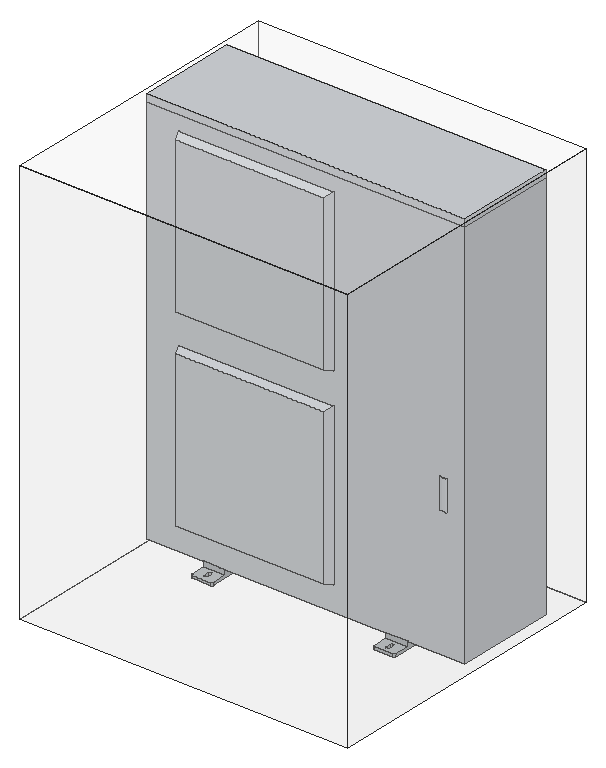
Revit family "puz-dhrmp80_140ka5_50hz", category 機械設備, Revit 2023
Family settings
  丸型コネクタ寸法 = 直径を使用
  パーツ タイプ = 標準
  OmniClass 番号 = 23.75.10.24.21.27.27
  OmniClass タイトル = Split System Air Conditioning Units
  作業面ベース = いいえ
  常に垂直 = はい
  ロード時にボイドで切り取り = いいえ
  注釈の向きを維持 = いいえ
  共有 = いいえ
  部屋計算ポイント = いいえ
Parameters (values of type "PUZ-DHRMP112KA5")
  風量_冷房 (㎥/min) = 110
  風量 = [風量_冷房 (㎥/min)] * 60.0 m³/h  # 6600.0 m³/h
  音響パワーレベル_冷房 (dB) = 66
  音響パワーレベル_暖房 (dB) = 69
  音響パワーレベル(dB) = [音響パワーレベル_暖房 (dB)]  # 69
  電源種別 = ""
  電源位置Y = 2 mm
  電源位置Z = 1063 mm
  電源位置X = 325 mm
  電圧 = 200 V
  電動機出力_送風機 = 0.12 kW
  電動機出力_圧縮機 = 2.1 kW
  集中コントローラ [instance] = ""
  運転質量 = 0.00 kg
  運転方法 = "冷暖切替"
  質量 = if(製品質量 > 運転質量, 製品質量, 運転質量) * 1.2  # 138.00 kg
  負荷分類 = 1_熱源類
  説明 = "空冷H/P PAC インバータ室外機"
  設計暖房能力 [instance] = 0 kW
  設計冷房能力_顕熱 [instance] = 0 kW
  設計冷房能力 [instance] = 0 kW
  設置方法 = "床置形"
  記号 [instance] = ""
  製造元 = "三菱電機株式会社"
  製品質量 = 115.00 kg
  製品出荷対象 = "国内"
  製品リリース年月 = "2026/5/11"
  系統 [instance] = ""
  符号 = "PAC"
  積算_科目 = "1 空気調和設備"
  積算_拾い区分 [instance] = ""
  相 = 3
  盤記号 [instance] = ""
  発停方法 = "別売リモコン"
  特殊仕様 [instance] = ""
  消費電力_暖房 = 2.69 kW
  消費電力_冷房 = 2.5 kW
  消費電力 = if(消費電力_冷房 > 消費電力_暖房, 消費電力_冷房, 消費電力_暖房)  # 2.69 kW
  法定耐用年数 = "6"
  極数 = 3
  材質 [instance] = ""
  本体マテリアル = none
  最小電線太さ_mm2 = 5.5
  最大電流値 = 0 A
  暖房能力 = 11.2 kW
  既定の高さ = 0 mm
  推奨ブレーカー容量 = 30 A
  据付ピッチ1 = 0 mm
  形式 = "パッケージ形 室外機"
  形名 = PUZ-HDRMP-3 : PUZ-HDRMP-3
  幹線記号 [instance] = ""
  始動方式 = "インバータ"
  呼称 = "パッケージ形空気調和機_室外機"
  周波数 = 50 Hz
  価格 = 0
  ドレン　位置Z = 23 mm
  ドレン　位置Y = 176 mm
  ドレン　位置X = 45 mm
  アンカーボルト位置Y = 370 mm
  アンカーボルト位置X = 600 mm
  参照している仕様書等のバージョン = "公共建築物標準仕様書（機械設備工事編）平成31年度版"
  分類コード = "50053003126100"
  分類グループ = "設備"
  冷房能力 = 10 kW
  冷媒管（ガス）位置X = 483 mm
  冷媒管（液）位置X = 423 mm
  冷媒管（液）位置Y = 290 mm
  冷媒管（ガス）位置Y = 234 mm
  冷媒管長 [instance] = 0 mm
  冷媒管径符号 = "Bd"
  冷媒管径 = 100 mm
  冷媒管位置Z = 450 mm
  冷媒管位置Y = (冷媒管（液）位置Y + 冷媒管（ガス）位置Y) / 2  # 262 mm
  冷媒管位置X = (冷媒管（液）位置X + 冷媒管（ガス）位置X) / 2  # 453 mm
  冷媒液管径 = 9.52 mm
  冷媒ガス管径 = 15.88 mm
  企業コード = "108420"
  付属品 [instance] = ""
  ユニット数 = 1
  モデル = "PUZ-DHRMP112KA5"
  ドレン管径 = 33 mm
  サービススペース = yes
  コメント [instance] = ""
  【値が 0 の項目は組合せ形名にてご確認ください】 = ""
  Width = 1050 mm
  Version = ""
  Uniclass2015Version = "Systems v1.9"
  Uniclass2015Title = "Split coil remote air cooled condensing units"
  Uniclass2015Code = "Pr_70_65_03_84"
  URL = "https://www.mitsubishielectric.co.jp/ldg/wink/qr/002/364561"
  SpecificationReference = ""
  SpecificationDescription = ""
  Revision = ""
  ProductInformation = ""
  OmniClassCode = "23-33 17 13 11"
  IfcTypeProduct = ""
  IfcProduct = ""
  IfcExportType = "AIRCONDITIONINGUNIT"
  IfcExportAs = "IfcUnitaryEquipmentType"
  Height = 1338 mm
  Depth = 330 mm
  Clearance Top = 0 mm
  Clearance Right = 15 mm
  Clearance Left = 15 mm
  Clearance Front = 500 mm
  Clearance Bottom = 0 mm
  Clearance Back = 150 mm
  COP = 0
  BLCJ仕様バージョン = "2.0"
  Author = "三菱電機株式会社"
  APF = 0
Reference planes
  plane 1 "中心(正面/背面)": y = 74
  plane 2: z = 0
  plane 3 "中心(左/右)": x = 830
  plane 4 "右": x = 1355
  plane 5 "左": x = 305
  plane 6 "背面": y = 239
  plane 7 "正面": y = -91
  plane 8 "上部": z = 1338
  plane 9 "Clearanse Top": z = 1338
  plane 10 "SS_back": y = 389
  plane 11 "SS_front": y = -591
  plane 12 "SS_left": x = 290
  plane 13 "SS_right": x = 1370
  plane 14: z = 0
  plane 15: y = -89
  plane 16: x = 1155
  plane 17: z = 1063
  plane 18: y = -87
  plane 19: y = -23
  plane 20: x = 1283
  plane 21: z = 450
  plane 22: z = 452
  plane 23: y = 63
  plane 24: x = 350
  plane 25: z = 25
  plane 26: z = 23
  plane 27: x = 530
  plane 28: x = 1130
  plane 29: y = 259
  plane 30: y = -111
Forms (mm)
  Extrusion 1, solid, detail levels fine
    sketch origin (0, -91, 0) x (1, 0, 0) y (0, 0, 1)
      loop
        circle (1155, 1063) r 13.5
    from -4 to -2
  Extrusion 2, solid, detail levels fine
    sketch origin (-1437.329, -1524, 54) x (-1, 0, 0) y (0, -1, 0)
      loop
        circle (-2720.329, -1501) r 50
    from 396 to 398
  Extrusion 3, solid, detail levels fine
    sketch origin (-1437.329, -1524, 54) x (-1, 0, 0) y (0, -1, 0)
      loop
        circle (-1787.329, -1587) r 16.5
    from -31 to -29
Lines and regions (mm)
  model lines, not visible
    curve 1: line (460, 178.667, 1289.179) -> (460, 297.73, 1289.179)
    curve 2: line (460, 178.667, 1056.056) -> (460, 178.667, 1289.179)
    curve 3: line (460, 297.73, 1056.056) -> (460, 178.667, 1056.056)
    curve 4: line (460, 297.73, 1289.179) -> (460, 297.73, 1056.056)
    curve 5: line (460, 47.598, 1289.179) -> (460, 166.661, 1289.179)
    curve 6: line (460, 47.598, 1056.056) -> (460, 47.598, 1289.179)
    curve 7: line (460, 166.661, 1056.056) -> (460, 47.598, 1056.056)
    curve 8: line (460, 166.661, 1289.179) -> (460, 166.661, 1056.056)
    curve 9: line (460, -83.471, 1289.179) -> (460, 35.592, 1289.179)
    curve 10: line (460, -83.471, 1056.056) -> (460, -83.471, 1289.179)
    curve 11: line (460, 35.592, 1056.056) -> (460, -83.471, 1056.056)
    curve 12: line (460, 35.592, 1289.179) -> (460, 35.592, 1056.056)
    curve 13: line (460, -150.779, 1289.179) -> (460, -95.75, 1289.179)
    curve 14: line (460, -150.779, 1056.056) -> (460, -150.779, 1289.179)
    curve 15: line (460, -95.75, 1056.056) -> (460, -150.779, 1056.056)
    curve 16: line (460, -95.75, 1289.179) -> (460, -95.75, 1056.056)
    curve 17: line (460, -150.779, 1283.175) -> (460, -132.596, 1283.175)
    curve 18: line (460, -150.779, 1062.059) -> (460, -150.779, 1283.175)
    curve 19: line (460, -132.596, 1062.059) -> (460, -150.779, 1062.059)
    curve 20: line (460, -132.596, 1283.175) -> (460, -132.596, 1062.059)
    curve 21: line (460, 178.667, 1046.051) -> (460, 297.73, 1046.051)
    curve 22: line (460, 178.667, 812.928) -> (460, 178.667, 1046.051)
    curve 23: line (460, 297.73, 812.928) -> (460, 178.667, 812.928)
    curve 24: line (460, 297.73, 1046.051) -> (460, 297.73, 812.928)
    curve 25: line (460, 47.598, 1046.051) -> (460, 166.661, 1046.051)
    curve 26: line (460, 47.598, 812.928) -> (460, 47.598, 1046.051)
    curve 27: line (460, 166.661, 812.928) -> (460, 47.598, 812.928)
    curve 28: line (460, 166.661, 1046.051) -> (460, 166.661, 812.928)
    curve 29: line (460, -83.471, 1046.051) -> (460, 35.592, 1046.051)
    curve 30: line (460, -83.471, 812.928) -> (460, -83.471, 1046.051)
    curve 31: line (460, 35.592, 812.928) -> (460, -83.471, 812.928)
    curve 32: line (460, 35.592, 1046.051) -> (460, 35.592, 812.928)
    curve 33: line (460, -150.779, 1046.051) -> (460, -95.75, 1046.051)
    curve 34: line (460, -150.779, 812.928) -> (460, -150.779, 1046.051)
    curve 35: line (460, -95.75, 812.928) -> (460, -150.779, 812.928)
    curve 36: line (460, -95.75, 1046.051) -> (460, -95.75, 812.928)
    curve 37: line (460, -150.779, 1040.048) -> (460, -132.596, 1040.048)
    curve 38: line (460, -150.779, 818.931) -> (460, -150.779, 1040.048)
    curve 39: line (460, -132.596, 818.931) -> (460, -150.779, 818.931)
    curve 40: line (460, -132.596, 1040.048) -> (460, -132.596, 818.931)
    curve 41: line (460, 178.667, 802.923) -> (460, 297.73, 802.923)
    curve 42: line (460, 178.667, 569.8) -> (460, 178.667, 802.923)
    curve 43: line (460, 297.73, 569.8) -> (460, 178.667, 569.8)
    curve 44: line (460, 297.73, 802.923) -> (460, 297.73, 569.8)
    curve 45: line (460, 47.598, 802.923) -> (460, 166.661, 802.923)
    curve 46: line (460, 47.598, 569.8) -> (460, 47.598, 802.923)
    curve 47: line (460, 166.661, 569.8) -> (460, 47.598, 569.8)
    curve 48: line (460, 166.661, 802.923) -> (460, 166.661, 569.8)
    curve 49: line (460, -83.471, 802.923) -> (460, 35.592, 802.923)
    curve 50: line (460, -83.471, 569.8) -> (460, -83.471, 802.923)
    curve 51: line (460, 35.592, 569.8) -> (460, -83.471, 569.8)
    curve 52: line (460, 35.592, 802.923) -> (460, 35.592, 569.8)
    curve 53: line (460, -150.779, 802.923) -> (460, -95.75, 802.923)
    curve 54: line (460, -150.779, 569.8) -> (460, -150.779, 802.923)
    curve 55: line (460, -95.75, 569.8) -> (460, -150.779, 569.8)
    curve 56: line (460, -95.75, 802.923) -> (460, -95.75, 569.8)
    curve 57: line (460, -150.779, 796.92) -> (460, -132.596, 796.92)
    curve 58: line (460, -150.779, 575.803) -> (460, -150.779, 796.92)
    curve 59: line (460, -132.596, 575.803) -> (460, -150.779, 575.803)
    curve 60: line (460, -132.596, 796.92) -> (460, -132.596, 575.803)
    curve 61: line (460, 178.667, 559.795) -> (460, 297.73, 559.795)
    curve 62: line (460, 178.667, 326.672) -> (460, 178.667, 559.795)
    curve 63: line (460, 297.73, 326.672) -> (460, 178.667, 326.672)
    curve 64: line (460, 297.73, 559.795) -> (460, 297.73, 326.672)
    curve 65: line (460, 47.598, 559.795) -> (460, 166.661, 559.795)
    curve 66: line (460, 47.598, 326.672) -> (460, 47.598, 559.795)
    curve 67: line (460, 166.661, 326.672) -> (460, 47.598, 326.672)
    curve 68: line (460, 166.661, 559.795) -> (460, 166.661, 326.672)
    curve 69: line (460, -83.471, 559.795) -> (460, 35.592, 559.795)
    curve 70: line (460, -83.471, 326.672) -> (460, -83.471, 559.795)
    curve 71: line (460, 35.592, 326.672) -> (460, -83.471, 326.672)
    curve 72: line (460, 35.592, 559.795) -> (460, 35.592, 326.672)
    curve 73: line (460, -150.779, 559.795) -> (460, -95.75, 559.795)
    curve 74: line (460, -150.779, 326.672) -> (460, -150.779, 559.795)
    curve 75: line (460, -95.75, 326.672) -> (460, -150.779, 326.672)
    curve 76: line (460, -95.75, 559.795) -> (460, -95.75, 326.672)
    curve 77: line (460, -150.779, 553.792) -> (460, -132.596, 553.792)
    curve 78: line (460, -150.779, 332.675) -> (460, -150.779, 553.792)
    curve 79: line (460, -132.596, 332.675) -> (460, -150.779, 332.675)
    curve 80: line (460, -132.596, 553.792) -> (460, -132.596, 332.675)
    curve 81: line (460, 178.667, 316.667) -> (460, 297.73, 316.667)
    curve 82: line (460, 178.667, 83.544) -> (460, 178.667, 316.667)
    curve 83: line (460, 297.73, 83.544) -> (460, 178.667, 83.544)
    curve 84: line (460, 297.73, 316.667) -> (460, 297.73, 83.544)
    curve 85: line (460, 47.598, 316.667) -> (460, 166.661, 316.667)
    curve 86: line (460, 47.598, 83.544) -> (460, 47.598, 316.667)
    curve 87: line (460, 166.661, 83.544) -> (460, 47.598, 83.544)
    curve 88: line (460, 166.661, 316.667) -> (460, 166.661, 83.544)
    curve 89: line (460, -83.471, 316.667) -> (460, 35.592, 316.667)
    curve 90: line (460, -83.471, 83.544) -> (460, -83.471, 316.667)
    curve 91: line (460, 35.592, 83.544) -> (460, -83.471, 83.544)
    curve 92: line (460, 35.592, 316.667) -> (460, 35.592, 83.544)
    curve 93: line (460, -150.779, 316.667) -> (460, -95.75, 316.667)
    curve 94: line (460, -150.779, 83.544) -> (460, -150.779, 316.667)
    curve 95: line (460, -95.75, 83.544) -> (460, -150.779, 83.544)
    curve 96: line (460, -95.75, 316.667) -> (460, -95.75, 83.544)
    curve 97: line (460, -150.779, 310.664) -> (460, -132.596, 310.664)
    curve 98: line (460, -150.779, 89.547) -> (460, -150.779, 310.664)
    curve 99: line (460, -132.596, 89.547) -> (460, -150.779, 89.547)
    curve 100: line (460, -132.596, 310.664) -> (460, -132.596, 89.547)
Dimensions and locks
  equal spacing: plane 7 "正面", plane 1 "中心(正面/背面)", plane 6 "背面"
  "Depth": plane 7 "正面" to plane 6 "背面"
  "Width": plane 5 "左" to plane 4 "右"
  equal spacing: plane 5 "左", plane 3 "中心(左/右)", plane 4 "右"
  "Clearance Left": plane 12 "SS_left" to plane 5 "左"
  "Clearance Right": plane 4 "右" to plane 13 "SS_right"
  "Clearance Back": plane 6 "背面" to plane 10 "SS_back"
  "Clearance Front": plane 11 "SS_front" to plane 7 "正面"
  "Height": plane 8 "上部" to level
  "Clearance Top": plane 9 "Clearanse Top" to plane 8 "上部"
  "Clearance Bottom": level to plane 14
  "電源位置X": plane 3 "中心(左/右)" to plane 16
  "電源位置Y": plane 7 "正面" to plane 15
  "電源位置Z": plane 17 to level
  locked: plane 15 to plane 18 at 2
  "冷媒管位置X": plane 3 "中心(左/右)" to plane 20
  "冷媒管位置Y": plane 19 to plane 6 "背面"
  "冷媒管位置Z": plane 21 to level
  locked: plane 22 to plane 21 at 2
  "ドレン　位置X": plane 5 "左" to plane 24
  "ドレン　位置Y": plane 23 to plane 6 "背面"
  locked: plane 25 to plane 26 at 2
  "ドレン　位置Z": plane 26 to level
  equal spacing: plane 30, plane 1 "中心(正面/背面)", plane 29
  "アンカーボルト位置Y": plane 30 to plane 29
  equal spacing: plane 27, plane 3 "中心(左/右)", plane 28
  "アンカーボルト位置X": plane 27 to plane 28
  radius of Extrusion 1 sketch curve = 13.5 mm
  "冷媒管径": diameter of Extrusion 2 sketch curve
  "ドレン管径": diameter of Extrusion 3 sketch curve
  aligned and locked: level to plane 2
  aligned and locked: plane 10 "SS_back" to nested 1  (x2)
  aligned and locked: plane 13 "SS_right" to nested 1
  aligned and locked: plane 12 "SS_left" to nested 1  (x2)
  aligned and locked: nested 1 to plane 13 "SS_right"
  aligned and locked: plane 11 "SS_front" to nested 1
  aligned and locked: plane 9 "Clearanse Top" to nested 1
  aligned and locked: plane 1 "中心(正面/背面)" to nested 2
  aligned and locked: plane 3 "中心(左/右)" to nested 2
  aligned and locked: plane 14 to nested 1
  aligned and locked: plane 17 to Extrusion 1 sketch curve
  aligned and locked: plane 16 to Extrusion 1 sketch curve
  aligned and locked: Extrusion 1 to plane 18
  aligned and locked: plane 15 to Extrusion 1
  aligned and locked: plane 19 to Extrusion 2 sketch curve
  aligned and locked: plane 20 to Extrusion 2 sketch curve
  aligned and locked: plane 22 to Extrusion 2
  aligned and locked: Extrusion 2 to plane 21
  aligned and locked: plane 24 to Extrusion 3 sketch curve
  aligned and locked: plane 23 to Extrusion 3 sketch curve
  aligned and locked: plane 25 to Extrusion 3
  aligned and locked: Extrusion 3 to plane 26
  aligned and locked: plane 27 to nested 3
  aligned and locked: plane 29 to nested 3
Nested families
  nested 1: "サービススペース" at (830, -101, 669), visible <- "サービススペース", type "サービススペース"
    with Width 1080 mm, Height 1338 mm, Depth 980 mm
  nested 2: "PUZ-HDRMP-3" at (830, 74, 0), type <- "形名", type "PUZ-HDRMP-3", detail levels fine
  nested 3: "固定点" at (530, -111, 0), type "固定点"
    with W 600 mm, D 370 mm
Connectors
  piping at (1283, -23, 450), diameter 100, driven by "冷媒管径", driven by "冷媒管径符号"
    settings: on Extrusion 2, index 1, connector inside diameter 609.6 mm, connector length 0 mm, flow factor 0, pipe flow 0.0 L/s, pressure drop 0.0 Pa, fitting loss kfactor 0, connector angle 0.00°, fixture units 0, engagement length 0 mm, angle of deflection 0.00°, flow configuration 1, flow direction 2, fitting loss method 4, system type 7, joint type 0, gender type 0, connector reference index -1, connector utility 0, adjustable connector no, is connector primary yes, connector description "Bd"
  electrical at (1155, -89, 1063), driven by "極数", driven by "負荷分類", driven by "電圧", driven by "消費電力"
    settings: on Extrusion 1, index 2, voltage 200 V, apparent load 2690 VA, apparent load phase1 0 VA, apparent load phase2 0 VA, apparent load phase3 0 VA, power factor 1, load classification "1_熱源類", number of poles 3, system type 30, power factor state 1, is connector primary yes, connector utility no, sub classification motor no, connector description ""
Definition of nested family "サービススペース"
  Parameters (values of type "サービススペース")
    Default Elevation = 0 mm
    Width [instance] = 500 mm
    Height [instance] = 500 mm
    Depth [instance] = 500 mm
  Reference planes
    plane 1 "中心(正面/背面)": y = 0
    plane 2: z = 0
    plane 3 "中心(左/右)": x = 0
    plane 4: y = -250
    plane 5: x = 250
    plane 6: y = 250
    plane 7: x = -250
    plane 8: z = 250
    plane 9: z = -250
  Forms (mm)
    Extrusion 1, solid
      sketch origin (-638.939, 0, 72.39) x (1, 0, 0) y (0, 1, 0)
        loop
          line (388.939, 250) -> (388.939, -250) -> (888.939, -250) -> (888.939, 250) -> (388.939, 250)
      from -322.39 to 177.61
  Lines and regions (mm)
    symbolic lines
      curve 1: line (-250, 0, 250) -> (250, 0, 250)
      curve 2: line (-250, 0, -250) -> (-250, 0, 250)
      curve 3: line (250, 0, -250) -> (-250, 0, -250)
      curve 4: line (250, 0, 250) -> (250, 0, -250)
      curve 5: line (0, -250, 250) -> (0, 250, 250)
      curve 6: line (0, -250, -250) -> (0, -250, 250)
      curve 7: line (0, 250, -250) -> (0, -250, -250)
      curve 8: line (0, 250, 250) -> (0, 250, -250)
      curve 9: line (-250, 250, 0) -> (250, 250, 0)
      curve 10: line (-250, -250, 0) -> (-250, 250, 0)
      curve 11: line (250, -250, 0) -> (-250, -250, 0)
      curve 12: line (250, 250, 0) -> (250, -250, 0)
  Dimensions and locks
    equal spacing: plane 7, plane 3 "中心(左/右)", plane 5
    equal spacing: plane 4, plane 1 "中心(正面/背面)", plane 6
    "Depth": plane 4 to plane 6
    "Width": plane 7 to plane 5
    equal spacing: plane 8, plane 2, plane 9
    "Height": plane 8 to plane 9
    aligned and locked: plane 9 to curve 3
    aligned and locked: plane 7 to curve 2
    aligned and locked: curve 4 to plane 5
    aligned and locked: plane 5 to Extrusion 1
    aligned and locked: Extrusion 1 to plane 7
    aligned and locked: Extrusion 1 to plane 9
    aligned and locked: plane 8 to Extrusion 1
    aligned and locked: plane 9 to curve 7
  Automatic sketch dimensions
    plane 4 to Extrusion 1 sketch curve = 0 mm
    Extrusion 1 sketch curve to plane 7 = 0 mm
    Extrusion 1 sketch curve to plane 5 = 0 mm
    plane 6 to Extrusion 1 sketch curve = 0 mm
    curve 2 to plane 8 = 0 mm
    plane 4 to curve 11 = 0 mm
    curve 11 to plane 7 = 0 mm
    curve 11 to plane 5 = 0 mm
    plane 6 to curve 10 = 0 mm
    curve 7 to plane 4 = 0 mm
    curve 7 to plane 6 = 0 mm
    curve 6 to plane 8 = 0 mm
Definition of nested family "PUZ-HDRMP-3"
  Parameters (values of type "PUZ-HDRMP-3")
    配線取出口サイズ = 27 mm
    配線取出口-Z = 1063 mm
    配線取出口-Y = 325 mm
    配線取出口-X = 325 mm
    液配管サイズ = 100 mm
    高さ = 1338 mm
    Default Elevation = 0 mm
    換気-W = 362 mm
    換気-H2 = 632 mm
    換気-H1 = 369 mm
    換気-D = 25 mm
    奥行き = 330 mm
    吊りボルト_H = 0 mm
    吊りボルト-φ = 12 mm
    冷媒配管サイズ = 9.52 mm
    冷媒液管径-Z = 450 mm
    冷媒液管径-Y = 290 mm
    冷媒液管径-X = 423 mm
    冷媒ガス管径-Z = 421 mm
    冷媒ガス管径-Y = 274 mm
    冷媒ガス管径-X = 483 mm
    吊りボルト-W = 600 mm
    マテリアル = none
    ドレン配管サイズ = 33 mm
    ドレン管径-Z = 0 mm
    ドレン管径-Y = 154 mm
    ドレン管径-X = 480 mm
    タイプ3 = yes
    タイプ2 = no
    タイプ1 = no
    ガス配管サイズ = 15.88 mm
    吊りボルト-D = 370 mm
    幅さ = 1050 mm
    a = 幅さ / 2  # 525 mm
  Reference planes
    plane 1 "中心(正面/背面)": y = 0
    plane 2: z = 0
    plane 3 "中心(左/右)": x = 0
    plane 4: z = 1338
    plane 5: x = -525
    plane 6: x = 525
    plane 7: y = 165
    plane 8: y = -165
    plane 9: x = 587
    plane 10: y = -105
    plane 11: y = 5
    plane 12: z = 1313
    plane 13: x = -545
    plane 14: x = -300
    plane 15: x = 300
    plane 16: y = 185
    plane 17: y = -185
    plane 18: x = 335
    plane 19: x = 265
    plane 20: x = -265
    plane 21: x = -335
    plane 22: y = 204
    plane 23: y = -218
    plane 24: z = 8.5
    plane 25: z = 25
    plane 26: z = 23
    plane 27: z = 1333
    plane 28: y = -40
    plane 29: y = 40
    plane 30: y = -30
    plane 31: y = 30
    plane 32: z = 1318
    plane 33: z = 55
    plane 34: z = 225
    plane 35: z = 570
    plane 36: x = 535
    plane 37: x = 556
    plane 38: y = -190
    plane 39: x = -163
    plane 40: z = 369
    plane 41: x = 91
    plane 42: x = -417
    plane 43: z = 633
    plane 44: z = 105
    plane 45: x = -407
    plane 46: x = 81
    plane 47: z = 623
    plane 48: z = 115
    plane 49: y = 115
    plane 50: y = -115
    plane 51: x = -480
    plane 52: y = -11
    plane 53: x = 483
    plane 54: x = 325
    plane 55: y = -160
    plane 56: y = -125
    plane 57: y = -109
    plane 58: x = 423
    plane 59: z = 421
    plane 60: z = 450
    plane 61: z = 1063
    plane 62: y = -110
    plane 63: z = 550
    plane 64: z = 550
    plane 65: x = 453
    plane 66: y = -117
    plane 67 "グループ": x = -525
    plane 68: z = 1338
    plane 69: z = 943
    plane 70: z = 1001
    plane 71: z = 1265
    plane 72: z = 737
    plane 73: z = 1255
    plane 74: z = 747
    plane 75: y = 125
    plane 76: x = -370
    plane 77: x = -210
    plane 78: x = -50
    plane 79: x = 110
  Forms (mm)
    Extrusion 1, solid, visible <- "タイプ3", detail levels fine
      sketch origin (-1437.329, -1524, 1338) x (-1, 0, 0) y (0, -1, 0)
        loop
          line (-1102.329, -1689) -> (-1102.329, -1359) -> (-1172.329, -1359) -> (-1172.329, -1689) -> (-1102.329, -1689)
        loop
          line (-1702.329, -1689) -> (-1702.329, -1359) -> (-1772.329, -1359) -> (-1772.329, -1689) -> (-1702.329, -1689)
      from -1338 to -1313
    Extrusion 2, solid, material <- "マテリアル", visible <- "タイプ3", detail levels fine
      sketch origin (-1437.329, -1524, 1338) x (-1, 0, 0) y (0, -1, 0)
        loop
          line (-1962.329, -1689) -> (-912.329, -1689) -> (-912.329, -1359) -> (-1962.329, -1359) -> (-1962.329, -1689)
      from -1313 to -25
    Extrusion 3, solid, material <- "マテリアル", visible <- "タイプ3", detail levels fine
      sketch origin (-1437.329, -1524, 1338) x (-1, 0, 0) y (0, -1, 0)
        loop
          line (-912.329, -1689) -> (-912.329, -1359) -> (-1962.329, -1359) -> (-1962.329, -1689) -> (-912.329, -1689)
      from -25 to 0
    Blend 4, solid, material <- "マテリアル", visible <- "タイプ3", detail levels fine
      base sketch origin (0, 0, 0) x (1, 0, 0) y (0, 0, 1)
        loop
          line (-417, 633) -> (-417, 105) -> (91, 105) -> (91, 633) -> (-417, 633)
      top sketch origin (0, 0, 0) x (1, 0, 0) y (0, 0, 1)
        loop
          line (-407, 623) -> (-407, 115) -> (81, 115) -> (81, 623) -> (-407, 623)
      from 165 to 190
    Extrusion 5, solid, material <- "マテリアル", visible <- "タイプ3", detail levels fine
      sketch origin (-1437.329, -1524, 1338) x (-1, 0, 0) y (0, -1, 0)
        loop
          circle (-1920.329, -1415) r 7.94
      from -917 to -788
    Extrusion 6, solid, material <- "マテリアル", visible <- "タイプ3", detail levels fine
      sketch origin (-1437.329, -1524, 1338) x (-1, 0, 0) y (0, -1, 0)
        loop
          circle (-1860.329, -1399) r 4.76
      from -888 to -788
    Extrusion 7, solid, material <- "マテリアル", visible <- "タイプ3", detail levels fine
      sketch origin (1480.036, -190, 1200) x (1, 0, 0) y (0, 0, 1)
        loop
          circle (-1155.036, -137) r 13.5
      from -80 to -30
    Extrusion 8, solid, material <- "マテリアル", visible <- "タイプ3", detail levels fine
      sketch origin (-1437.329, -1524, 1338) x (-1, 0, 0) y (0, -1, 0)
        loop
          circle (-1890.329, -1407) r 50
      from -888 to -788
    Blend 9, solid, material <- "マテリアル", visible <- "タイプ3", detail levels fine
      base sketch origin (1480.036, -190, 1200) x (1, 0, 0) y (0, 0, 1)
        loop
          line (-1897.036, 65) -> (-1897.036, -463) -> (-1389.036, -463) -> (-1389.036, 65) -> (-1897.036, 65)
      top sketch origin (1480.036, -190, 1200) x (1, 0, 0) y (0, 0, 1)
        loop
          line (-1887.036, 55) -> (-1887.036, -453) -> (-1399.036, -453) -> (-1399.036, 55) -> (-1887.036, 55)
      from -25 to 0
    Extrusion 10, solid, visible <- "タイプ3", detail levels fine
      sketch origin (-1437.329, -1524, 1338) x (-1, 0, 0) y (0, -1, 0)
        loop
          line (-1102.329, -1728) -> (-1102.329, -1689) -> (-1172.329, -1689) -> (-1172.329, -1728) -> (-1143.329, -1728) -> (-1143.329, -1709)
          arc (-1143.329, -1709) -> (-1137.329, -1703) -> (-1131.329, -1709) r 6
          line (-1131.329, -1709) -> (-1131.329, -1728) -> (-1102.329, -1728)
        loop
          line (-1102.329, -1359) -> (-1102.329, -1311)
          arc (-1102.329, -1311) -> (-1103.794, -1307.464) -> (-1107.329, -1306) r 5
          line (-1107.329, -1306) -> (-1167.329, -1306)
          arc (-1167.329, -1306) -> (-1170.865, -1307.464) -> (-1172.329, -1311) r 5
          line (-1172.329, -1311) -> (-1172.329, -1359) -> (-1102.329, -1359)
        loop
          arc (-1143.329, -1339) -> (-1137.329, -1345) -> (-1131.329, -1339) r 6
          line (-1131.329, -1339) -> (-1131.329, -1324)
          arc (-1131.329, -1324) -> (-1137.329, -1318) -> (-1143.329, -1324) r 6
          line (-1143.329, -1324) -> (-1143.329, -1339)
        loop
          line (-1772.329, -1728) -> (-1743.329, -1728) -> (-1743.329, -1709)
          arc (-1743.329, -1709) -> (-1737.329, -1703) -> (-1731.329, -1709) r 6
          line (-1731.329, -1709) -> (-1731.329, -1728) -> (-1702.329, -1728) -> (-1702.329, -1689) -> (-1772.329, -1689) -> (-1772.329, -1728)
        loop
          line (-1772.329, -1359) -> (-1702.329, -1359) -> (-1702.329, -1311)
          arc (-1702.329, -1311) -> (-1703.794, -1307.464) -> (-1707.329, -1306) r 5
          line (-1707.329, -1306) -> (-1767.329, -1306)
          arc (-1767.329, -1306) -> (-1770.865, -1307.464) -> (-1772.329, -1311) r 5
          line (-1772.329, -1311) -> (-1772.329, -1359)
        loop
          line (-1731.329, -1339) -> (-1731.329, -1324)
          arc (-1731.329, -1324) -> (-1737.329, -1318) -> (-1743.329, -1324) r 6
          line (-1743.329, -1324) -> (-1743.329, -1339)
          arc (-1743.329, -1339) -> (-1737.329, -1345) -> (-1731.329, -1339) r 6
      from -1338 to -1329.5
    Extrusion 11, solid, material <- "マテリアル", visible <- "タイプ3", detail levels fine
      sketch origin (-1437.329, -1524, 1338) x (-1, 0, 0) y (0, -1, 0)
        loop
          circle (-957.329, -1513) r 16.5
        loop
          circle (-1067.329, -1649) r 16.5
        loop
          circle (-1227.329, -1649) r 16.5
        loop
          circle (-1387.329, -1649) r 16.5
        loop
          circle (-1547.329, -1649) r 16.5
      from -1315 to -1313
  Cuts and joins
    joined: Extrusion 1, Extrusion 10
  Lines and regions (mm)
    Masking region 1, visible <- "タイプ3", detail levels coarse+medium
      outline origin (-1437.329, -1524, 1338) x (-1, 0, 0) y (0, -1, 0)
        loop
          line (-1962.329, -1689) -> (-1772.329, -1689) -> (-1772.329, -1728) -> (-1702.329, -1728) -> (-1702.329, -1689) -> (-1172.329, -1689) -> (-1172.329, -1728) -> (-1102.329, -1728) -> (-1102.329, -1689) -> (-912.329, -1689) -> (-912.329, -1359) -> (-1020.329, -1359) -> (-1030.329, -1334) -> (-1102.329, -1334) -> (-1102.329, -1306) -> (-1172.329, -1306) -> (-1172.329, -1334) -> (-1518.329, -1334) -> (-1528.329, -1359) -> (-1702.329, -1359) -> (-1702.329, -1306) -> (-1772.329, -1306) -> (-1772.329, -1359) -> (-1962.329, -1359) -> (-1962.329, -1689)
    model lines, visible <- "タイプ3", detail levels fine
      curve 1: line (447, 115, 1338) -> (-445, 115, 1338)
      curve 2: line (-445, -115, 1338) -> (447, -115, 1338)
      curve 3: line (-445, -45, 1338) -> (447, -45, 1338)
      curve 4: line (447, 45, 1338) -> (-445, 45, 1338)
      curve 5: line (-445, -35, 1338) -> (447, -35, 1338)
      curve 6: line (447, 35, 1338) -> (-445, 35, 1338)
      curve 7: line (-445, 115, 1338) -> (-445, 45, 1338)
      curve 8: line (447, -115, 1338) -> (447, -45, 1338)
      curve 9: line (-445, 35, 1338) -> (-445, -35, 1338)
      curve 10: line (-445, -45, 1338) -> (-445, -115, 1338)
      curve 11: line (447, -35, 1338) -> (447, 35, 1338)
      curve 12: line (447, 45, 1338) -> (447, 115, 1338)
      curve 13: line (479, -115, 1338) -> (479, 115, 1338)
      curve 14: line (462, -115, 1338) -> (462, 115, 1338)
      curve 15: line (-475, 115, 1338) -> (-475, -115, 1338)
      curve 16: line (-460, 115, 1338) -> (-460, -115, 1338)
      curve 17: line (-460, 115, 1338) -> (-475, 115, 1338)
      curve 18: line (-460, -115, 1338) -> (-475, -115, 1338)
      curve 19: line (462, 115, 1338) -> (479, 115, 1338)
      curve 20: line (462, -115, 1338) -> (479, -115, 1338)
      curve 21: line (-407, -190, 416.5) -> (81, -190, 416.5)
      curve 22: line (81, -190, 321.5) -> (-407, -190, 321.5)
      curve 23: line (-407, -190, 511.5) -> (81, -190, 511.5)
      curve 24: line (-407, -190, 606.5) -> (81, -190, 606.5)
      curve 25: line (81, -190, 226.5) -> (-407, -190, 226.5)
      curve 26: line (81, -190, 131.5) -> (-407, -190, 131.5)
      curve 27: line (-389.571, -190, 623) -> (-389.571, -190, 115)
      curve 28: line (63.571, -190, 115) -> (63.571, -190, 623)
      curve 29: line (-372.143, -190, 623) -> (-372.143, -190, 115)
      curve 30: line (-354.714, -190, 623) -> (-354.714, -190, 115)
      curve 31: line (-337.286, -190, 623) -> (-337.286, -190, 115)
      curve 32: line (-319.857, -190, 623) -> (-319.857, -190, 115)
      curve 33: line (-302.429, -190, 623) -> (-302.429, -190, 115)
      curve 34: line (-285, -190, 623) -> (-285, -190, 115)
      curve 35: line (-267.571, -190, 623) -> (-267.571, -190, 115)
      curve 36: line (-250.143, -190, 623) -> (-250.143, -190, 115)
      curve 37: line (-232.714, -190, 623) -> (-232.714, -190, 115)
      curve 38: line (-215.286, -190, 623) -> (-215.286, -190, 115)
      curve 39: line (-197.857, -190, 623) -> (-197.857, -190, 115)
      curve 40: line (-180.429, -190, 623) -> (-180.429, -190, 115)
      curve 41: line (-163, -190, 623) -> (-163, -190, 115)
      curve 42: line (-145.571, -190, 623) -> (-145.571, -190, 115)
      curve 43: line (-128.143, -190, 623) -> (-128.143, -190, 115)
      curve 44: line (-110.714, -190, 623) -> (-110.714, -190, 115)
      curve 45: line (-93.286, -190, 623) -> (-93.286, -190, 115)
      curve 46: line (-75.857, -190, 623) -> (-75.857, -190, 115)
      curve 47: line (-58.429, -190, 623) -> (-58.429, -190, 115)
      curve 48: line (-41, -190, 623) -> (-41, -190, 115)
      curve 49: line (-23.571, -190, 623) -> (-23.571, -190, 115)
      curve 50: line (-6.143, -190, 623) -> (-6.143, -190, 115)
      curve 51: line (11.286, -190, 623) -> (11.286, -190, 115)
      curve 52: line (28.714, -190, 623) -> (28.714, -190, 115)
      curve 53: line (46.143, -190, 623) -> (46.143, -190, 115)
      curve 54: line (-525, -100, 87) -> (-525, -60, 87)
      curve 55: line (-525, -100, 277) -> (-525, -100, 87)
      curve 56: line (-525, -60, 277) -> (-525, -100, 277)
      curve 57: line (-525, -60, 87) -> (-525, -60, 277)
      curve 58: line (-525, -100, 292) -> (-525, -60, 292)
      curve 59: line (-525, -100, 482) -> (-525, -100, 292)
      curve 60: line (-525, -60, 482) -> (-525, -100, 482)
      curve 61: line (-525, -60, 292) -> (-525, -60, 482)
      curve 62: line (-525, -100, 497) -> (-525, -60, 497)
      curve 63: line (-525, -100, 687) -> (-525, -100, 497)
      curve 64: line (-525, -60, 687) -> (-525, -100, 687)
      curve 65: line (-525, -60, 497) -> (-525, -60, 687)
      curve 66: line (-525, -100, 702) -> (-525, -60, 702)
      curve 67: line (-525, -100, 892) -> (-525, -100, 702)
      curve 68: line (-525, -60, 892) -> (-525, -100, 892)
      curve 69: line (-525, -60, 702) -> (-525, -60, 892)
      curve 70: line (-525, 60, 87) -> (-525, 100, 87)
      curve 71: line (-525, 60, 277) -> (-525, 60, 87)
      curve 72: line (-525, 100, 277) -> (-525, 60, 277)
      curve 73: line (-525, 100, 87) -> (-525, 100, 277)
      curve 74: line (-525, -46.667, 87) -> (-525, -6.667, 87)
      curve 75: line (-525, -46.667, 277) -> (-525, -46.667, 87)
      curve 76: line (-525, -6.667, 277) -> (-525, -46.667, 277)
      curve 77: line (-525, -6.667, 87) -> (-525, -6.667, 277)
      curve 78: line (-525, 6.667, 87) -> (-525, 46.667, 87)
      curve 79: line (-525, 6.667, 277) -> (-525, 6.667, 87)
      curve 80: line (-525, 46.667, 277) -> (-525, 6.667, 277)
      curve 81: line (-525, 46.667, 87) -> (-525, 46.667, 277)
      curve 82: line (-525, 60, 292) -> (-525, 100, 292)
      curve 83: line (-525, 60, 482) -> (-525, 60, 292)
      curve 84: line (-525, 100, 482) -> (-525, 60, 482)
      curve 85: line (-525, 100, 292) -> (-525, 100, 482)
      curve 86: line (-525, 60, 702) -> (-525, 100, 702)
      curve 87: line (-525, 60, 892) -> (-525, 60, 702)
      curve 88: line (-525, 100, 892) -> (-525, 60, 892)
      curve 89: line (-525, 100, 702) -> (-525, 100, 892)
      curve 90: line (-525, -46.667, 292) -> (-525, -6.667, 292)
      curve 91: line (-525, -46.667, 482) -> (-525, -46.667, 292)
      curve 92: line (-525, -6.667, 482) -> (-525, -46.667, 482)
      curve 93: line (-525, -6.667, 292) -> (-525, -6.667, 482)
      curve 94: line (-525, -46.667, 497) -> (-525, -6.667, 497)
      curve 95: line (-525, -46.667, 687) -> (-525, -46.667, 497)
      curve 96: line (-525, -6.667, 687) -> (-525, -46.667, 687)
      curve 97: line (-525, -6.667, 497) -> (-525, -6.667, 687)
      curve 98: line (-525, -46.667, 702) -> (-525, -6.667, 702)
      curve 99: line (-525, -46.667, 892) -> (-525, -46.667, 702)
      curve 100: line (-525, -6.667, 892) -> (-525, -46.667, 892)
      curve 101: line (-525, -6.667, 702) -> (-525, -6.667, 892)
      curve 102: line (-525, 6.667, 292) -> (-525, 46.667, 292)
      curve 103: line (-525, 6.667, 482) -> (-525, 6.667, 292)
      curve 104: line (-525, 46.667, 482) -> (-525, 6.667, 482)
      curve 105: line (-525, 46.667, 292) -> (-525, 46.667, 482)
      curve 106: line (-525, 6.667, 497) -> (-525, 46.667, 497)
      curve 107: line (-525, 6.667, 687) -> (-525, 6.667, 497)
      curve 108: line (-525, 46.667, 687) -> (-525, 6.667, 687)
      curve 109: line (-525, 46.667, 497) -> (-525, 46.667, 687)
      curve 110: line (-525, 6.667, 702) -> (-525, 46.667, 702)
      curve 111: line (-525, 6.667, 892) -> (-525, 6.667, 702)
      curve 112: line (-525, 46.667, 892) -> (-525, 6.667, 892)
      curve 113: line (-525, 46.667, 702) -> (-525, 46.667, 892)
      curve 114: line (-525, -100, 907) -> (-525, -60, 907)
      curve 115: line (-525, -100, 1097) -> (-525, -100, 907)
      curve 116: line (-525, -60, 1097) -> (-525, -100, 1097)
      curve 117: line (-525, -60, 907) -> (-525, -60, 1097)
      curve 118: line (-525, 60, 907) -> (-525, 100, 907)
      curve 119: line (-525, 60, 1097) -> (-525, 60, 907)
      curve 120: line (-525, 100, 1097) -> (-525, 60, 1097)
      curve 121: line (-525, 100, 907) -> (-525, 100, 1097)
      curve 122: line (-525, -46.667, 907) -> (-525, -6.667, 907)
      curve 123: line (-525, -46.667, 1097) -> (-525, -46.667, 907)
      curve 124: line (-525, -6.667, 1097) -> (-525, -46.667, 1097)
      curve 125: line (-525, -6.667, 907) -> (-525, -6.667, 1097)
      curve 126: line (-525, 6.667, 907) -> (-525, 46.667, 907)
      curve 127: line (-525, 6.667, 1097) -> (-525, 6.667, 907)
      curve 128: line (-525, 46.667, 1097) -> (-525, 6.667, 1097)
      curve 129: line (-525, 46.667, 907) -> (-525, 46.667, 1097)
      curve 130: line (-525, -100, 1112) -> (-525, -60, 1112)
      curve 131: line (-525, -100, 1302) -> (-525, -100, 1112)
      curve 132: line (-525, -60, 1302) -> (-525, -100, 1302)
      curve 133: line (-525, -60, 1112) -> (-525, -60, 1302)
      curve 134: line (-525, 60, 1112) -> (-525, 100, 1112)
      curve 135: line (-525, 60, 1302) -> (-525, 60, 1112)
      curve 136: line (-525, 100, 1302) -> (-525, 60, 1302)
      curve 137: line (-525, 100, 1112) -> (-525, 100, 1302)
      curve 138: line (-525, -46.667, 1112) -> (-525, -6.667, 1112)
      curve 139: line (-525, -46.667, 1302) -> (-525, -46.667, 1112)
      curve 140: line (-525, -6.667, 1302) -> (-525, -46.667, 1302)
      curve 141: line (-525, -6.667, 1112) -> (-525, -6.667, 1302)
      curve 142: line (-525, 6.667, 1112) -> (-525, 46.667, 1112)
      curve 143: line (-525, 6.667, 1302) -> (-525, 6.667, 1112)
      curve 144: line (-525, 46.667, 1302) -> (-525, 6.667, 1302)
      curve 145: line (-525, 46.667, 1112) -> (-525, 46.667, 1302)
      curve 303: line (81, -190, 1238.5) -> (-407, -190, 1238.5)
      curve 304: line (-407, -190, 763.5) -> (81, -190, 763.5)
      curve 305: line (-389.571, -190, 1255) -> (-389.571, -190, 747)
      curve 306: line (81, -190, 858.5) -> (-407, -190, 858.5)
      curve 307: line (81, -190, 1143.5) -> (-407, -190, 1143.5)
      curve 308: line (81, -190, 1048.5) -> (-407, -190, 1048.5)
      curve 309: line (-407, -190, 953.5) -> (81, -190, 953.5)
      curve 310: line (-372.143, -190, 1255) -> (-372.143, -190, 747)
      curve 311: line (-354.714, -190, 1255) -> (-354.714, -190, 747)
      curve 312: line (-337.286, -190, 1255) -> (-337.286, -190, 747)
      curve 313: line (-319.857, -190, 1255) -> (-319.857, -190, 747)
      curve 314: line (-302.429, -190, 1255) -> (-302.429, -190, 747)
      curve 315: line (-285, -190, 1255) -> (-285, -190, 747)
      curve 316: line (-267.571, -190, 1255) -> (-267.571, -190, 747)
      curve 317: line (-250.143, -190, 1255) -> (-250.143, -190, 747)
      curve 318: line (-232.714, -190, 1255) -> (-232.714, -190, 747)
      curve 319: line (-215.286, -190, 1255) -> (-215.286, -190, 747)
      curve 320: line (-197.857, -190, 1255) -> (-197.857, -190, 747)
      curve 321: line (-180.429, -190, 1255) -> (-180.429, -190, 747)
      curve 322: line (-163, -190, 1255) -> (-163, -190, 747)
      curve 323: line (-145.571, -190, 1255) -> (-145.571, -190, 747)
      curve 324: line (-128.143, -190, 1255) -> (-128.143, -190, 747)
      curve 325: line (-110.714, -190, 1255) -> (-110.714, -190, 747)
      curve 326: line (-93.286, -190, 1255) -> (-93.286, -190, 747)
      curve 327: line (-75.857, -190, 1255) -> (-75.857, -190, 747)
      curve 328: line (-58.429, -190, 1255) -> (-58.429, -190, 747)
      curve 329: line (-41, -190, 1255) -> (-41, -190, 747)
      curve 330: line (-23.571, -190, 1255) -> (-23.571, -190, 747)
      curve 331: line (-6.143, -190, 1255) -> (-6.143, -190, 747)
      curve 332: line (11.286, -190, 1255) -> (11.286, -190, 747)
      curve 333: line (28.714, -190, 1255) -> (28.714, -190, 747)
      curve 334: line (46.143, -190, 1255) -> (46.143, -190, 747)
      curve 335: line (63.571, -190, 1255) -> (63.571, -190, 747)
    model lines, visible <- "タイプ3", not visible, detail levels fine
      curve 146: line (-525, -100, 907) -> (-525, -60, 907)
      curve 147: line (-525, -100, 1097) -> (-525, -100, 907)
      curve 148: line (-525, -60, 1097) -> (-525, -100, 1097)
      curve 149: line (-525, -60, 907) -> (-525, -60, 1097)
      curve 150: line (-525, 60, 907) -> (-525, 100, 907)
      curve 151: line (-525, 60, 1097) -> (-525, 60, 907)
      curve 152: line (-525, 100, 1097) -> (-525, 60, 1097)
      curve 153: line (-525, 100, 907) -> (-525, 100, 1097)
      curve 154: line (-525, -46.667, 907) -> (-525, -6.667, 907)
      curve 155: line (-525, -46.667, 1097) -> (-525, -46.667, 907)
      curve 156: line (-525, -6.667, 1097) -> (-525, -46.667, 1097)
      curve 157: line (-525, -6.667, 907) -> (-525, -6.667, 1097)
      curve 158: line (-525, 6.667, 907) -> (-525, 46.667, 907)
      curve 159: line (-525, 6.667, 1097) -> (-525, 6.667, 907)
      curve 160: line (-525, 46.667, 1097) -> (-525, 6.667, 1097)
      curve 161: line (-525, 46.667, 907) -> (-525, 46.667, 1097)
      curve 162: line (-525, -100, 1112) -> (-525, -60, 1112)
      curve 163: line (-525, -100, 1302) -> (-525, -100, 1112)
      curve 164: line (-525, -60, 1302) -> (-525, -100, 1302)
      curve 165: line (-525, -60, 1112) -> (-525, -60, 1302)
      curve 166: line (-525, 60, 1112) -> (-525, 100, 1112)
      curve 167: line (-525, 60, 1302) -> (-525, 60, 1112)
      curve 168: line (-525, 100, 1302) -> (-525, 60, 1302)
      curve 169: line (-525, 100, 1112) -> (-525, 100, 1302)
      curve 170: line (-525, -46.667, 1112) -> (-525, -6.667, 1112)
      curve 171: line (-525, -46.667, 1302) -> (-525, -46.667, 1112)
      curve 172: line (-525, -6.667, 1302) -> (-525, -46.667, 1302)
      curve 173: line (-525, -6.667, 1112) -> (-525, -6.667, 1302)
      curve 174: line (-525, 6.667, 1112) -> (-525, 46.667, 1112)
      curve 175: line (-525, 6.667, 1302) -> (-525, 6.667, 1112)
      curve 176: line (-525, 46.667, 1302) -> (-525, 6.667, 1302)
      curve 177: line (-525, 46.667, 1112) -> (-525, 46.667, 1302)
      curve 194: line (-525, -100, 87) -> (-525, -60, 87)
      curve 195: line (-525, -100, 277) -> (-525, -100, 87)
      curve 196: line (-525, -60, 277) -> (-525, -100, 277)
      curve 197: line (-525, -60, 87) -> (-525, -60, 277)
      curve 198: line (-525, -100, 292) -> (-525, -60, 292)
      curve 199: line (-525, -100, 482) -> (-525, -100, 292)
      curve 200: line (-525, -60, 482) -> (-525, -100, 482)
      curve 201: line (-525, -60, 292) -> (-525, -60, 482)
      curve 202: line (-525, -100, 497) -> (-525, -60, 497)
      curve 203: line (-525, -100, 687) -> (-525, -100, 497)
      curve 204: line (-525, -60, 687) -> (-525, -100, 687)
      curve 205: line (-525, -60, 497) -> (-525, -60, 687)
      curve 206: line (-525, -100, 702) -> (-525, -60, 702)
      curve 207: line (-525, -100, 892) -> (-525, -100, 702)
      curve 208: line (-525, -60, 892) -> (-525, -100, 892)
      curve 209: line (-525, -60, 702) -> (-525, -60, 892)
      curve 210: line (-525, 60, 87) -> (-525, 100, 87)
      curve 211: line (-525, 60, 277) -> (-525, 60, 87)
      curve 212: line (-525, 100, 277) -> (-525, 60, 277)
      curve 213: line (-525, 100, 87) -> (-525, 100, 277)
      curve 214: line (-525, -46.667, 87) -> (-525, -6.667, 87)
      curve 215: line (-525, -46.667, 277) -> (-525, -46.667, 87)
      curve 216: line (-525, -6.667, 277) -> (-525, -46.667, 277)
      curve 217: line (-525, -6.667, 87) -> (-525, -6.667, 277)
      curve 218: line (-525, 6.667, 87) -> (-525, 46.667, 87)
      curve 219: line (-525, 6.667, 277) -> (-525, 6.667, 87)
      curve 220: line (-525, 46.667, 277) -> (-525, 6.667, 277)
      curve 221: line (-525, 46.667, 87) -> (-525, 46.667, 277)
      curve 222: line (-525, 60, 292) -> (-525, 100, 292)
      curve 223: line (-525, 60, 482) -> (-525, 60, 292)
      curve 224: line (-525, 100, 482) -> (-525, 60, 482)
      curve 225: line (-525, 100, 292) -> (-525, 100, 482)
      curve 226: line (-525, 60, 702) -> (-525, 100, 702)
      curve 227: line (-525, 60, 892) -> (-525, 60, 702)
      curve 228: line (-525, 100, 892) -> (-525, 60, 892)
      curve 229: line (-525, 100, 702) -> (-525, 100, 892)
      curve 230: line (-525, -46.667, 292) -> (-525, -6.667, 292)
      curve 231: line (-525, -46.667, 482) -> (-525, -46.667, 292)
      curve 232: line (-525, -6.667, 482) -> (-525, -46.667, 482)
      curve 233: line (-525, -6.667, 292) -> (-525, -6.667, 482)
      curve 234: line (-525, -46.667, 497) -> (-525, -6.667, 497)
      curve 235: line (-525, -46.667, 687) -> (-525, -46.667, 497)
      curve 236: line (-525, -6.667, 687) -> (-525, -46.667, 687)
      curve 237: line (-525, -6.667, 497) -> (-525, -6.667, 687)
      curve 238: line (-525, -46.667, 702) -> (-525, -6.667, 702)
      curve 239: line (-525, -46.667, 892) -> (-525, -46.667, 702)
      curve 240: line (-525, -6.667, 892) -> (-525, -46.667, 892)
      curve 241: line (-525, -6.667, 702) -> (-525, -6.667, 892)
      curve 242: line (-525, 6.667, 292) -> (-525, 46.667, 292)
      curve 243: line (-525, 6.667, 482) -> (-525, 6.667, 292)
      curve 244: line (-525, 46.667, 482) -> (-525, 6.667, 482)
      curve 245: line (-525, 46.667, 292) -> (-525, 46.667, 482)
      curve 246: line (-525, 6.667, 497) -> (-525, 46.667, 497)
      curve 247: line (-525, 6.667, 687) -> (-525, 6.667, 497)
      curve 248: line (-525, 46.667, 687) -> (-525, 6.667, 687)
      curve 249: line (-525, 46.667, 497) -> (-525, 46.667, 687)
      curve 250: line (-525, 6.667, 702) -> (-525, 46.667, 702)
      curve 251: line (-525, 6.667, 892) -> (-525, 6.667, 702)
      curve 252: line (-525, 46.667, 892) -> (-525, 6.667, 892)
      curve 253: line (-525, 46.667, 702) -> (-525, 46.667, 892)
    model lines, visible <- "タイプ2", not visible
      curve 178: line (-600, -100, 33.5) -> (-600, -60, 33.5)
      curve 179: line (-600, -100, 73.5) -> (-600, -100, 33.5)
      curve 180: line (-600, -60, 73.5) -> (-600, -100, 73.5)
      curve 181: line (-600, -60, 33.5) -> (-600, -60, 73.5)
      curve 182: line (-600, 60, 33.5) -> (-600, 100, 33.5)
      curve 183: line (-600, 60, 73.5) -> (-600, 60, 33.5)
      curve 184: line (-600, 100, 73.5) -> (-600, 60, 73.5)
      curve 185: line (-600, 100, 33.5) -> (-600, 100, 73.5)
      curve 186: line (-509, -46.667, 33.5) -> (-509, -6.667, 33.5)
      curve 187: line (-509, -46.667, 73.5) -> (-509, -46.667, 33.5)
      curve 188: line (-509, -6.667, 73.5) -> (-509, -46.667, 73.5)
      curve 189: line (-509, -6.667, 33.5) -> (-509, -6.667, 73.5)
      curve 190: line (-509, 6.667, 33.5) -> (-509, 46.667, 33.5)
      curve 191: line (-509, 6.667, 73.5) -> (-509, 6.667, 33.5)
      curve 192: line (-509, 46.667, 73.5) -> (-509, 6.667, 73.5)
      curve 193: line (-509, 46.667, 33.5) -> (-509, 46.667, 73.5)
      curve 287: line (-404.5, -100, 33.5) -> (-404.5, -60, 33.5)
      curve 288: line (-404.5, -100, 73.5) -> (-404.5, -100, 33.5)
      curve 289: line (-404.5, -60, 73.5) -> (-404.5, -100, 73.5)
      curve 290: line (-404.5, -60, 33.5) -> (-404.5, -60, 73.5)
      curve 291: line (-404.5, 60, 33.5) -> (-404.5, 100, 33.5)
      curve 292: line (-404.5, 60, 73.5) -> (-404.5, 60, 33.5)
      curve 293: line (-404.5, 100, 73.5) -> (-404.5, 60, 73.5)
      curve 294: line (-404.5, 100, 33.5) -> (-404.5, 100, 73.5)
      curve 295: line (-404.5, -46.667, 33.5) -> (-404.5, -6.667, 33.5)
      curve 296: line (-404.5, -46.667, 73.5) -> (-404.5, -46.667, 33.5)
      curve 297: line (-404.5, -6.667, 73.5) -> (-404.5, -46.667, 73.5)
      curve 298: line (-404.5, -6.667, 33.5) -> (-404.5, -6.667, 73.5)
      curve 299: line (-404.5, 6.667, 33.5) -> (-404.5, 46.667, 33.5)
      curve 300: line (-404.5, 6.667, 73.5) -> (-404.5, 6.667, 33.5)
      curve 301: line (-404.5, 46.667, 73.5) -> (-404.5, 6.667, 73.5)
      curve 302: line (-404.5, 46.667, 33.5) -> (-404.5, 46.667, 73.5)
    model lines, not visible
      curve 254: line (-338.5, -173.2, 372.5) -> (149.5, -173.2, 372.5)
      curve 255: line (149.5, -173.2, 277.5) -> (-338.5, -173.2, 277.5)
      curve 256: line (-338.5, -173.2, 467.5) -> (149.5, -173.2, 467.5)
      curve 257: line (-338.5, -173.2, 562.5) -> (149.5, -173.2, 562.5)
      curve 258: line (149.5, -173.2, 182.5) -> (-338.5, -173.2, 182.5)
      curve 259: line (149.5, -173.2, 87.5) -> (-338.5, -173.2, 87.5)
      curve 260: line (-321.071, -173.2, 579) -> (-321.071, -173.2, 71)
      curve 261: line (132.071, -173.2, 71) -> (132.071, -173.2, 579)
      curve 262: line (-303.643, -173.2, 579) -> (-303.643, -173.2, 71)
      curve 263: line (-286.214, -173.2, 579) -> (-286.214, -173.2, 71)
      curve 264: line (-268.786, -173.2, 579) -> (-268.786, -173.2, 71)
      curve 265: line (-251.357, -173.2, 579) -> (-251.357, -173.2, 71)
      curve 266: line (-233.929, -173.2, 579) -> (-233.929, -173.2, 71)
      curve 267: line (-216.5, -173.2, 579) -> (-216.5, -173.2, 71)
      curve 268: line (-199.071, -173.2, 579) -> (-199.071, -173.2, 71)
      curve 269: line (-181.643, -173.2, 579) -> (-181.643, -173.2, 71)
      curve 270: line (-164.214, -173.2, 579) -> (-164.214, -173.2, 71)
      curve 271: line (-146.786, -173.2, 579) -> (-146.786, -173.2, 71)
      curve 272: line (-129.357, -173.2, 579) -> (-129.357, -173.2, 71)
      curve 273: line (-111.929, -173.2, 579) -> (-111.929, -173.2, 71)
      curve 274: line (-94.5, -173.2, 579) -> (-94.5, -173.2, 71)
      curve 275: line (-77.071, -173.2, 579) -> (-77.071, -173.2, 71)
      curve 276: line (-59.643, -173.2, 579) -> (-59.643, -173.2, 71)
      curve 277: line (-42.214, -173.2, 579) -> (-42.214, -173.2, 71)
      curve 278: line (-24.786, -173.2, 579) -> (-24.786, -173.2, 71)
      curve 279: line (-7.357, -173.2, 579) -> (-7.357, -173.2, 71)
      curve 280: line (10.071, -173.2, 579) -> (10.071, -173.2, 71)
      curve 281: line (27.5, -173.2, 579) -> (27.5, -173.2, 71)
      curve 282: line (44.929, -173.2, 579) -> (44.929, -173.2, 71)
      curve 283: line (62.357, -173.2, 579) -> (62.357, -173.2, 71)
      curve 284: line (79.786, -173.2, 579) -> (79.786, -173.2, 71)
      curve 285: line (97.214, -173.2, 579) -> (97.214, -173.2, 71)
      curve 286: line (114.643, -173.2, 579) -> (114.643, -173.2, 71)
    symbolic lines, visible <- "タイプ3"
      curve 336: line (-344.073, 165, 1338) -> (-525, 165, 1338)
      curve 337: line (-525, 165, 1338) -> (-525, -165, 1338)
      curve 338: line (-525, -165, 1338) -> (-323.037, -165, 1338)
      curve 339: line (-417, -165, 1338) -> (-407, -190, 1338)
      curve 340: line (-407, -190, 1338) -> (-357.105, -190, 1338)
      curve 341: line (-335, -190, 1338) -> (-335, -218, 1338)
      curve 342: line (-335, -218, 1338) -> (-265, -218, 1338)
      curve 343: line (-265, -218, 1338) -> (-265, -190, 1338)
      curve 344: line (-357.105, -190, 1338) -> (81, -190, 1338)
      curve 345: line (81, -190, 1338) -> (91, -165, 1338)
      curve 346: line (-323.037, -165, 1338) -> (300.043, -165, 1338)
      curve 347: line (265, -165, 1338) -> (265, -218, 1338)
      curve 348: line (265, -218, 1338) -> (335, -218, 1338)
      curve 349: line (335, -218, 1338) -> (335, -165, 1338)
      curve 350: line (300.043, -165, 1338) -> (525, -165, 1338)
      curve 351: line (525, -165, 1338) -> (525, 165, 1338)
      curve 352: line (525, 165, 1338) -> (363.157, 165, 1338)
      curve 353: line (335, 165, 1338) -> (335, 204, 1338)
      curve 354: line (335, 204, 1338) -> (265, 204, 1338)
      curve 355: line (265, 204, 1338) -> (265, 165, 1338)
      curve 356: line (363.157, 165, 1338) -> (-344.073, 165, 1338)
      curve 357: line (-265, 165, 1338) -> (-265, 204, 1338)
      curve 358: line (-265, 204, 1338) -> (-335, 204, 1338)
      curve 359: line (-335, 204, 1338) -> (-335, 165, 1338)
      curve 360: line (-475, 115, 1338) -> (-460, 115, 1338)
      curve 361: line (-475, -115, 1338) -> (-475, 115, 1338)
      curve 362: line (-460, -115, 1338) -> (-475, -115, 1338)
      curve 363: line (-460, 115, 1338) -> (-460, -115, 1338)
      curve 364: line (-445, 115, 1338) -> (447, 115, 1338)
      curve 365: line (-445, 45, 1338) -> (-445, 115, 1338)
      curve 366: line (447, 45, 1338) -> (-445, 45, 1338)
      curve 367: line (447, 115, 1338) -> (447, 45, 1338)
      curve 368: line (447, 35, 1338) -> (-445, 35, 1338)
      curve 369: line (447, -35, 1338) -> (447, 35, 1338)
      curve 370: line (-445, -35, 1338) -> (447, -35, 1338)
      curve 371: line (-445, 35, 1338) -> (-445, -35, 1338)
      curve 372: line (-445, -45, 1338) -> (447, -45, 1338)
      curve 373: line (-445, -115, 1338) -> (-445, -45, 1338)
      curve 374: line (447, -115, 1338) -> (-445, -115, 1338)
      curve 375: line (447, -45, 1338) -> (447, -115, 1338)
      curve 376: line (462, -115, 1338) -> (479, -115, 1338)
      curve 377: line (462, 115, 1338) -> (462, -115, 1338)
      curve 378: line (479, 115, 1338) -> (462, 115, 1338)
      curve 379: line (479, -115, 1338) -> (479, 115, 1338)
  Dimensions and locks
    equal spacing: plane 8, plane 1 "中心(正面/背面)", plane 7
    "奥行き": plane 8 to plane 7
    equal spacing: plane 5, plane 3 "中心(左/右)", plane 6
    "幅さ": plane 5 to plane 6
    "高さ": plane 4 to level
    locked: plane 6 to plane 9 at 62
    locked: plane 8 to plane 10 at 60
    locked: plane 8 to plane 11 at 170
    locked: plane 4 to plane 12 at 25
    locked: plane 13 to plane 5 at 20
    "吊りボルト-D": plane 17 to plane 16
    equal spacing: plane 17, plane 1 "中心(正面/背面)", plane 16
    equal spacing: plane 14, plane 3 "中心(左/右)", plane 15
    "吊りボルト-W": plane 14 to plane 15
    plane 21 to plane 14 to plane 20 = 35 mm locked, 35 mm locked
    plane 19 to plane 15 to plane 18 = 35 mm locked, 35 mm locked
    locked: plane 16 to plane 22 at 19
    locked: plane 23 to plane 17 at 33
    locked: plane 24 to level at 8.5
    plane 25 to level = 25 mm
    locked: plane 4 to plane 27 at 5
    plane 7 to plane 1 "中心(正面/背面)" to plane 8 = 165 mm, 165 mm
    plane 29 to plane 1 "中心(正面/背面)" to plane 28 = 40 mm, 40 mm
    plane 31 to plane 1 "中心(正面/背面)" to plane 30 = 30 mm, 30 mm
    locked: plane 32 to plane 12 at 5
    locked: plane 33 to level at 55
    locked: plane 34 to level at 225
    equal spacing: plane 6, plane 37, plane 9
    locked: plane 6 to plane 36 at 10
    "換気-D": plane 38 to plane 8
    "換気-W": plane 39 to plane 5
    "換気-H1": plane 40 to level
    plane 41 to plane 39 to plane 42 = 254 mm locked, 254 mm locked
    plane 43 to plane 40 to plane 44 = 264 mm locked, 264 mm locked
    locked: plane 41 to plane 46 at 10
    locked: plane 45 to plane 42 at 10
    locked: plane 43 to plane 47 at 10
    locked: plane 48 to plane 44 at 10
    locked: curve 26 to plane 48 at 16.5
    locked: plane 47 to curve 24 at 16.5
    equal spacing: curve 24, curve 23, curve 21, curve 22, curve 25, curve 26
    equal spacing: plane 46, curve 28, curve 53, curve 52, curve 51, curve 50, curve 49, curve 48, curve 47, curve 46, curve 45, curve 44, curve 43, curve 42, curve 41, curve 40, curve 39, curve 38, curve 37, curve 36, curve 35, curve 34, curve 33, curve 32, curve 31, curve 30, curve 29, curve 27, plane 45
    locked: curve 4 to curve 6 at 10
    locked: curve 3 to curve 5 at 10
    locked: plane 49 to plane 7 at 50
    locked: plane 8 to plane 50 at 50
    "ドレン管径-Y": plane 8 to plane 52
    "配線取出口-Y": plane 55 to plane 7
    "冷媒液管径-Y": plane 56 to plane 7
    "冷媒ガス管径-Y": plane 57 to plane 7
    "配線取出口-X": plane 3 "中心(左/右)" to plane 54
    "冷媒ガス管径-X": plane 3 "中心(左/右)" to plane 53
    "冷媒液管径-X": plane 3 "中心(左/右)" to plane 58
    "冷媒液管径-Z": plane 60 to level
    "冷媒ガス管径-Z": plane 59 to level
    "配線取出口-Z": plane 61 to level
    locked: plane 55 to plane 62 at 50
    plane 63 to plane 59 = 129 mm
    locked: plane 64 to plane 60 at 100
    equal spacing: plane 58, plane 65, plane 53
    equal spacing: plane 56, plane 66, plane 57
    "a": plane 67 "グループ" to plane 3 "中心(左/右)"
    plane 69 to level = 943 mm
    plane 68 to level = 1338 mm
    locked: plane 35 to level at 570
    curve 21 to plane 40 to curve 22 = 47.5 mm locked, 47.5 mm locked
    "換気-H2": plane 70 to plane 40
    plane 71 to plane 70 to plane 72 = 264 mm locked, 264 mm locked
    locked: plane 74 to plane 72 at 10
    locked: plane 71 to plane 73 at 10
    locked: plane 73 to curve 303 at 16.5
    locked: curve 304 to plane 74 at 16.5
    equal spacing: curve 303, curve 307, curve 308, curve 309, curve 306, curve 304
    equal spacing: plane 46, curve 335, curve 334, curve 333, curve 332, curve 331, curve 330, curve 329, curve 328, curve 327, curve 326, curve 325, curve 324, curve 323, curve 322, curve 321, curve 320, curve 319, curve 318, curve 317, curve 316, curve 315, curve 314, curve 313, curve 312, curve 311, curve 310, curve 305, plane 45
    locked: plane 25 to plane 26 at 2
    "ドレン管径-X": plane 51 to plane 3 "中心(左/右)"
    locked: plane 52 to plane 75 at 136
    plane 51 to plane 76 to plane 77 to plane 78 to plane 79 = 110 mm locked, 160 mm locked, 160 mm locked, 160 mm locked
    "ガス配管サイズ": diameter of Extrusion 5 sketch curve
    "冷媒配管サイズ": diameter of Extrusion 6 sketch curve
    "配線取出口サイズ": diameter of Extrusion 7 sketch curve
    "液配管サイズ": diameter of Extrusion 8 sketch curve
    "ドレン配管サイズ": diameter of Extrusion 11 sketch curve  (x5)
    aligned and locked: level to plane 2
    aligned and locked: Extrusion 1 to level
    aligned and locked: plane 25 to Extrusion 1
    aligned and locked: Extrusion 2 sketch curve to plane 7
    aligned and locked: Extrusion 2 sketch curve to plane 8
    aligned and locked: Extrusion 2 sketch curve to plane 5
    aligned and locked: Extrusion 2 sketch curve to plane 6
    aligned and locked: Extrusion 2 to plane 25
    aligned and locked: plane 12 to Extrusion 2
    aligned and locked: Extrusion 3 sketch curve to Extrusion 2  (x4)
    aligned and locked: Extrusion 3 to plane 12
    aligned and locked: plane 4 to Extrusion 3
    aligned and locked: Blend 4 sketch curve to plane 43
    aligned and locked: Blend 4 sketch curve to plane 44
    aligned and locked: Blend 4 sketch curve to plane 42
    aligned and locked: Blend 4 sketch curve to plane 41
    aligned and locked: Blend 4 sketch curve to plane 47
    aligned and locked: Blend 4 sketch curve to plane 45
    aligned and locked: Blend 4 sketch curve to plane 46
    aligned and locked: Blend 4 sketch curve to plane 48
    aligned and locked: Blend 4 to plane 8
    aligned and locked: plane 38 to Blend 4
    aligned and locked: curve 17 to plane 49
